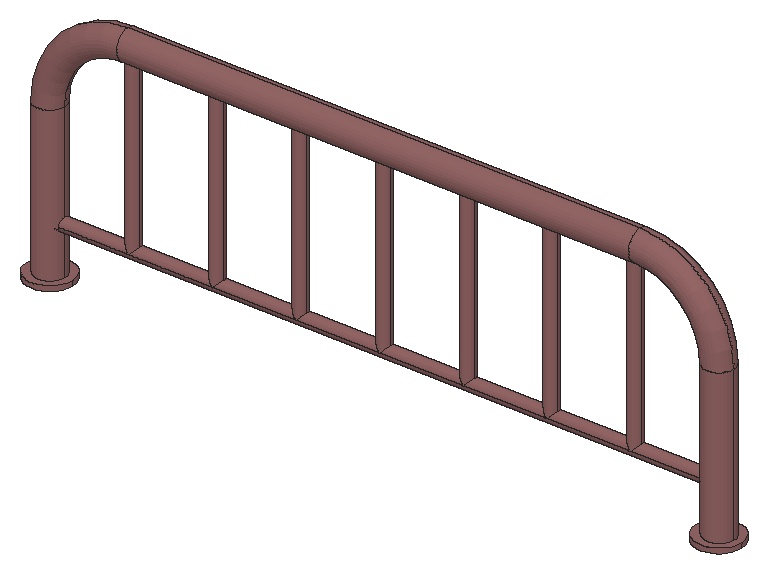
Revit family "M_Cavalete para bicicletas", category Terreno, Revit 2019
Family settings
  Cota do conector redondo = Utilizar diâmetro
  Tipo de parte = Normal
  ID de item do Seek = Bike Stand-0000-CAN-ENU
  Com base no plano de trabalho = Não
  Sempre na vertical = Sim
  Corte com vazios quando carregada = Não
  Compartilhado = Não
Parameters (values of type "2590mm")
  Material = Metal - Acabamento pintado - Vermelho indiano, fosco
Reference planes
  plane 1 "Centro (Frente/Trás)": y = 0
  plane 2: z = 0
  plane 3 "Centro (Esquerda/Direita)": x = 483.391
  plane 4: x = -812.009
  plane 5: x = 1778.791
  plane 6: z = 914.4
  plane 7: z = 203.2
  plane 8: x = -488.159
  plane 9: x = -164.309
  plane 10: x = 159.541
  plane 11: x = 807.241
  plane 12: x = 1131.091
  plane 13: x = 1454.941
Forms (mm)
  Sweep 1, solid, material "Metal - Acabamento pintado - Vermelho indiano, fosco" <- "Material"
    path origin (0, 0, 0) x (1, 0, 0) y (0, 0, 1)
      loop
        line (-812.009, 0) -> (-812.009, 609.6)
        arc (-812.009, 609.6) -> (-722.736, 825.126) -> (-507.209, 914.4) r 304.8
        line (-507.209, 914.4) -> (1473.991, 914.4)
        arc (1473.991, 914.4) -> (1689.517, 825.126) -> (1778.791, 609.6) r 304.8
        line (1778.791, 609.6) -> (1778.791, 0)
    profile origin (0, 0, 304.8) x (-1, 0, 0) y (0, -1, 0)
      loop
        circle (812.009, 0) r 57.15
  Extrusion 2, solid, material "Metal - Acabamento pintado - Vermelho indiano, fosco" <- "Material"
    sketch origin (0, 0, 0) x (1, 0, 0) y (0, 1, 0)
      loop
        circle (-812.009, 0) r 88.9
      loop
        circle (1778.791, 0) r 88.9
    from 0 to 19.05
  Extrusion 3, solid, material "Metal - Acabamento pintado - Vermelho indiano, fosco" <- "Material"
    sketch origin (483.391, 0, 0) x (0, 1, 0) y (0, 0, 1)
      loop
        circle (0, 203.2) r 25.4
    from -1295.4 to 1295.4
  Extrusion 4, solid, material "Metal - Acabamento pintado - Vermelho indiano, fosco" <- "Material"
    sketch origin (0, 0, 0) x (1, 0, 0) y (0, 1, 0)
      loop
        circle (-488.159, 0) r 25.4
      loop
        circle (-164.309, 0) r 25.4
      loop
        circle (159.541, 0) r 25.4
      loop
        circle (483.391, 0) r 25.4
      loop
        circle (807.241, 0) r 25.4
      loop
        circle (1131.091, 0) r 25.4
      loop
        circle (1454.941, 0) r 25.4
    from 203.2 to 914.4
Lines and regions (mm)
  symbolic lines, style "Acessórios do terreno"
    curve 1: line (1778.791, 57.15, 0) -> (-812.009, 57.15, 0)
    curve 2: line (-812.009, -57.15, 0) -> (1778.791, -57.15, 0)
    curve 3: arc (1778.791, -57.15, 0) -> (1835.941, 0, 0) -> (1778.791, 57.15, 0) r 57.15
    curve 4: arc (-812.009, 57.15, 0) -> (-869.159, 0, 0) -> (-812.009, -57.15, 0) r 57.15
    curve 5: arc (-743.913, 57.15, 0) -> (-900.909, 0, 0) -> (-743.913, -57.15, 0) r 88.9
    curve 6: arc (1710.694, 57.15, 0) -> (1867.691, 0, 0) -> (1710.694, -57.15, 0) r 88.9
Dimensions and locks
  plane 4 to plane 5 = 2590.8 mm
  equal spacing: plane 4, plane 3 "Centro (Esquerda/Direita)", plane 5
  aligned and locked: Extrusion 3 to plane 5
  aligned and locked: plane 4 to Extrusion 3
  aligned and locked: Extrusion 4 to plane 6
